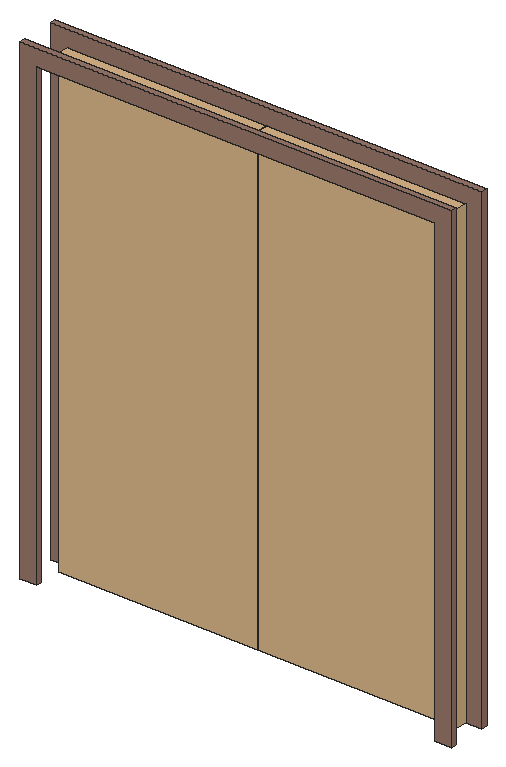
Revit family "Double-Flush", category Doors, host Wall, Revit 2014
Parameters (values of type "72" x 84"")
  Visual Light Transmittance = 0
  Thickness = 0' - 2"
  Solar Heat Gain Coefficient = 0
  Construction Type Id = ""
  Heat Transfer Coefficient (U) = 0.6520 BTU/(h·ft²·°F)
  Function = Interior
  Assembly Code = "C1020"
  Door Material = Door - Panel
  Frame Material = Door - Frame
  Height = 7' - 0"
  Trim Projection Ext = 0' - 1"
  Trim Projection Int = 0' - 1"
  Trim Width = 0' - 3"
  Wall Closure = By host
  Width = 6' - 0"
  Analytic Construction = Metal
Types (5): name | Height | Width
  72" x 78" | 6' - 6" | 6' - 0"
  72" x 82" | 6' - 10" | 6' - 0"
  68" x 84" | 7' - 0" | 5' - 8"
  68" x 80" | 6' - 8" | 5' - 8"
  72" x 84" | 7' - 0" | 6' - 0"
Reference planes (in)
  plane 1: y = 0
  plane 2: z = 0
  plane 3 "Center": x = 0
  plane 4 "Left": x = -36
  plane 5 "Right": x = 36
  plane 6 "Top": z = 84
  plane 7: y = 3
Forms (in)
  Extrusion 1, solid, material "Door - Frame" <- "Frame Material"
    sketch origin (-90, 3, 0) x (-1, 0, 0) y (0, 0, 1)
      loop
        line (-126, 84) -> (-54, 84) -> (-54, 0) -> (-51, 0) -> (-51, 87) -> (-129, 87) -> (-129, 0) -> (-126, 0) -> (-126, 84)
    from 0 to 1
  Extrusion 2, solid, material "Door - Frame" <- "Frame Material"
    sketch origin (-90, -3, 0) x (1, 0, 0) y (0, 0, 1)
      loop
        line (54, 0) -> (54, 84) -> (126, 84) -> (126, 0) -> (129, 0) -> (129, 87) -> (51, 87) -> (51, 0) -> (54, 0)
    from 0 to 1
  Extrusion 3, solid, material "Door - Panel" <- "Door Material"
    sketch origin (-60, 3, 0) x (-1, 0, 0) y (0, 0, 1)
      loop
        line (-60, 84) -> (-60, 0) -> (-24, 0) -> (-24, 84) -> (-60, 84)
    from 0 to -2
  Extrusion 4, solid, material "Door - Panel" <- "Door Material"
    sketch origin (0, 0, 0) x (-1, 0, 0) y (0, 0, 1)
      loop
        line (-36, 84) -> (-36, 0) -> (0, 0) -> (0, 84) -> (-36, 84)
    from 1 to 3
Lines and regions (in)
  Opening 1
    outline origin (-90, -3, 0) x (1, 0, 0) y (0, 0, 1)
      loop
        line (54, 0) -> (126, 0) -> (126, 84) -> (54, 84) -> (54, 0)
  symbolic lines, style "Plan Swing"
    curve 1: arc (0, 3, 0) -> (-10.54416, 28.45584, 0) -> (-36, 39, 0) r 36
    curve 2: arc (0, 3, 0) -> (10.54416, 28.45584, 0) -> (36, 39, 0) r 36
  symbolic lines, style "DoorsPanelProjection"
    curve 3: line (-36, 3, 0) -> (-34, 3, 0)
    curve 4: line (-36, 3, 0) -> (-36, 39, 0)
    curve 5: line (-36, 39, 0) -> (-34, 39, 0)
    curve 6: line (-34, 3, 0) -> (-34, 39, 0)
    curve 7: line (36, 3, 0) -> (34, 3, 0)
    curve 8: line (36, 3, 0) -> (36, 39, 0)
    curve 9: line (34, 3, 0) -> (34, 38.9444, 0)
  symbolic lines, style "Elevation Swing"
    curve 10: line (0, 0, 84) -> (-36, 0, 42)
    curve 11: line (0, 0, 0) -> (-36, 0, 42)
    curve 12: line (0, 0, 0) -> (36, 0, 42)
    curve 13: line (36, 0, 42) -> (0, 0, 84)
Text (in)
  text "Exterior" at (-58.67754, 39.5847, 0), in view "Floor Line"
  text "Interior" at (-58.34764, -27.11922, 0), in view "Floor Line"
  text "Exterior" at (0, 40.15149, 123.01588), in view "Right"
  text "Interior" at (0, -64.39139, 123.01588), in view "Right"
  text "Interior" at (0, -27.50358, 116.57024), in view "Left"
  text "Exterior" at (0, 54.57065, 116.57024), in view "Left"
Dimensions and locks (in)
  "Height": plane 2 to plane 6 "Top"
  "Trim Width": Extrusion 2 sketch curve to plane 4 "Left"
  "Trim Width": Extrusion 2 sketch curve to plane 5 "Right"
  "Trim Width": Extrusion 2 sketch curve to plane 6 "Top"
  "Trim Width": Extrusion 1 sketch curve to Extrusion 1 sketch curve  (x2)
  "Trim Width": Extrusion 1 sketch curve to plane 6 "Top"
  "Trim Projection Int": Extrusion 2 to host wall
  "Trim Projection Ext": Extrusion 1 to host wall
  "Thickness": curve 6 to curve 4
  "Thickness": curve 8 to curve 9
  "Thickness": Extrusion 3 to host wall
  "Width": plane 4 "Left" to plane 5 "Right"
  equal spacing: plane 4 "Left", plane 3 "Center", plane 5 "Right"
  equal spacing: plane 6 "Top", curve 11, level
  equal spacing: plane 6 "Top", curve 13, level
  aligned and locked: plane 4 "Left" to Opening 1 sketch curve
  aligned and locked: plane 6 "Top" to Opening 1 sketch curve  (x2)
  aligned and locked: Opening 1 sketch curve to plane 5 "Right"
  aligned and locked: Opening 1 sketch curve to level
  aligned and locked: plane 6 "Top" to Extrusion 1 sketch curve  (x2)
  aligned and locked: plane 4 "Left" to Extrusion 1 sketch curve
  aligned and locked: Extrusion 1 sketch curve to plane 4 "Left"
  aligned and locked: plane 2 to Extrusion 1 sketch curve
  aligned and locked: Extrusion 1 sketch curve to plane 2
  aligned and locked: level to Extrusion 1 sketch curve
  aligned and locked: plane 5 "Right" to Extrusion 1 sketch curve
  aligned and locked: Extrusion 1 to host wall
  aligned and locked: plane 4 "Left" to Extrusion 2 sketch curve
  aligned and locked: plane 6 "Top" to Extrusion 2 sketch curve  (x2)
  aligned and locked: plane 5 "Right" to Extrusion 2 sketch curve  (x2)
  aligned and locked: level to Extrusion 2 sketch curve
  aligned and locked: Extrusion 2 sketch curve to level
  aligned and locked: plane 2 to Extrusion 2 sketch curve
  aligned and locked: Extrusion 2 to host wall
  aligned and locked: curve 3 to host wall
  aligned and locked: host wall to curve 7
  aligned and locked: host wall to curve 1
  aligned and locked: host wall to curve 2
  aligned and locked: plane 7 to host wall
  aligned and locked: Extrusion 4 to Extrusion 3  (x2)
Automatic sketch dimensions
  curve 1 to plane 4 "Left" = 0' - 0"
  curve 2 to plane 3 "Center" = 0' - 0"
  curve 2 to plane 5 "Right" = 0' - 0"
  Extrusion 3 sketch curve to level = 0' - 0"
  Extrusion 3 sketch curve to plane 4 "Left" = 0' - 0"
  Extrusion 3 sketch curve to plane 6 "Top" = 0' - 0"
  curve 1 to plane 3 "Center" = 0' - 0"
  Extrusion 3 sketch curve to plane 3 "Center" = 0' - 0"
  Extrusion 4 sketch curve to level = 0' - 0"
  Extrusion 4 sketch curve to plane 5 "Right" = 0' - 0"
  Extrusion 4 sketch curve to plane 3 "Center" = 0' - 0"
  Extrusion 4 sketch curve to plane 6 "Top" = 0' - 0"
  curve 10 to plane 3 "Center" = 0' - 0"
  curve 10 to plane 6 "Top" = 0' - 0"
  curve 11 to plane 4 "Left" = 0' - 0"
  curve 13 to plane 5 "Right" = 0' - 0"
  curve 12 to level = 0' - 0"
  curve 11 to plane 3 "Center" = 0' - 0"
